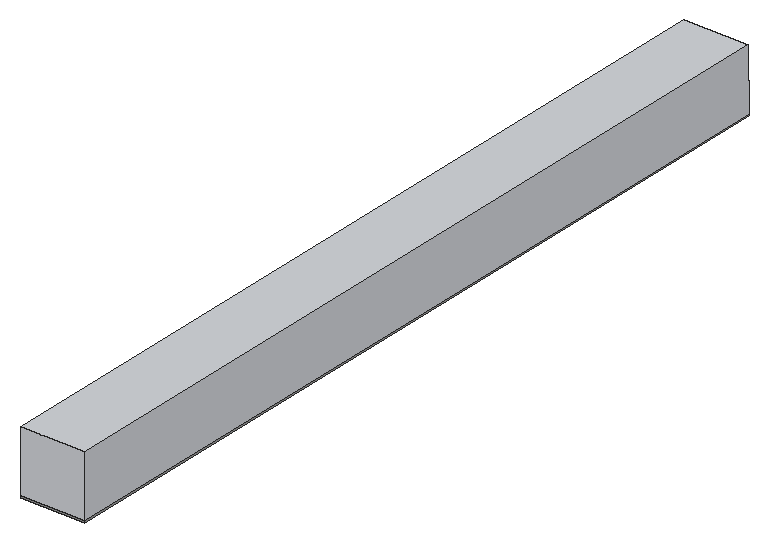
Revit family "ERK9554W_RAD765N", category 照明器具, Revit 2020
Family settings
  丸型コネクタ寸法 = 直径を使用
  パーツ タイプ = 標準
  OmniClass 番号 = 23.80.70.11.14.17
  OmniClass タイトル = Direct/Indirect
  作業面ベース = いいえ
  常に垂直 = いいえ
  ロード時にボイドで切り取り = いいえ
  光源 = いいえ
  共有 = いいえ
  部屋計算ポイント = いいえ
Parameters (values of type "ERK9554W_RAD765N")
  電源種別_記号 = "AC"
  電源種別 = ""
  防災用照明器具電源種別 = ""
  防災用照明器具種類 = ""
  運転質量 = 0.00 kg
  質量 = 0.00 kg
  負荷分類 = 8_照明
  積算_科目2 = "[1_1]照明"
  説明 = "ベースライト ウォールウォッシャー 40Wタイプ"
  誘導灯形式 = ""
  誘導灯仕様 = ""
  認定番号 = ""
  設置方法 = ""
  記号 = ""
  製造元 = "株式会社遠藤照明"
  製品質量 = 0.00 kg
  製品出荷対象 = ""
  製品リリース年月 = "2023.04"
  製品グループ = ""
  背面形式 = ""
  系統 [instance] = ""
  符号 = ""
  積算_科目 = "1 電灯設備"
  積算_拾い区分 = ""
  種別 [instance] = ""
  相 = 1
  皮相負荷 = 0 VA
  用途 = "E_一般照明"
  特殊仕様 [instance] = ""
  照明制御装置の種類 = ""
  法定耐用年数 = ""
  極数 = 1
  材質_本体 = none
  材質_反射板 = none
  材質_ルーバー = none
  材質_カバー = none
  材質 = ""
  既定の高さ = 0 mm
  形式 = "学校"
  平均演色評価数(Ra) = 82
  定格消費電力 = 41.5 W
  定格入力電流 = 0 A
  定格入力電圧 = 0 V
  定格入力容量 = 0 VA
  定格光束 = 6512 lm
  安定器_蛍光灯 = ""
  安定器_定格電圧 = 0 V
  安定器_入力電流 = 0 A
  安定器_入力電力 = 0 W
  安定器_二次電圧 = 0 V
  埋込高さ = "0"
  埋込穴寸法 = "0"
  固有エネルギー消費効率(lm/W) = 156.9
  器具サイズ = ""
  呼称 = "学校"
  周波数 = 0 Hz
  参照している仕様書等のバージョン = ""
  分類コード = "40305100000000"
  分類グループ = ""
  公共型番 = "LSS13-4-62"
  価格 = 50500
  企業コード = "6932"
  付属品 = ""
  仕様書バージョン = ""
  仕様 = ""
  ランプの種類 = "LED"
  ランプ_電流 = 0 A
  ランプ_本数 = 0
  ランプ_定格消費電力 = 0 W
  ランプ_定格消費効率(lm/W) = 0
  ランプ_大きさ = ""
  ランプ_全光束 = 0 lm
  ランプ = "LED"
  モデル = "ERK9554W_RAD765N"
  イメージ(タイプ) = <なし>
  シンボル表示 = yes
  サービススペース表示 = no
  コメント = ""
  グレア分類 = ""
  Keynote = ""
  カバー形状 = ""
  tilte [instance] = 0.00°
  diameter = 0 mm
  Width = 95 mm
  Version = ""
  Uniclass2015Version = ""
  Uniclass2015Title = ""
  Uniclass2015Code = ""
  URL = "https://www.endo-lighting.co.jp/"
  SpecificationReference = ""
  SpecificationDescription = ""
  Revision = ""
  ProductInformation = ""
  OmniClassCode = "23.80.70.11.14.17"
  LED制御装置 = ""
  IfcTypeProduct = ""
  IfcProduct = ""
  IfcExportType = ""
  IfcExportAs = "IfcLightFixtureType"
  Height = 92 mm
  Depth = 1225 mm
  Clearance Top = 0 mm
  Clearance Right = 0 mm
  Clearance Left = 0 mm
  Clearance Front = 0 mm
  Clearance Bottom = 0 mm
  Clearance Back = 0 mm
  Author = "遠藤照明"
Reference planes
  plane 1 "光源軸(正面/背面)": y = 0
  plane 2: z = 0
  plane 3 "光源軸(左/右)": x = 0
  plane 4 "光源高さ": z = -5
  plane 5: z = 0
  plane 6: x = 47.5
  plane 7: x = -47.5
  plane 8: y = 612.5
  plane 9: y = -612.5
Lines and regions (mm)
  symbolic lines, detail levels fine
    curve 1: line (-47.5, -612.5, 0) -> (47.5, -612.5, 0)
    curve 2: line (-47.5, 612.5, 0) -> (-47.5, -612.5, 0)
    curve 3: line (47.5, 612.5, 0) -> (-47.5, 612.5, 0)
    curve 4: line (47.5, -612.5, 0) -> (47.5, 612.5, 0)
Dimensions and locks
  equal spacing: plane 9, plane 1 "光源軸(正面/背面)", plane 8
  "Depth": plane 9 to plane 8
  equal spacing: plane 7, plane 3 "光源軸(左/右)", plane 6
  "Width": plane 7 to plane 6
  aligned and locked: level to plane 2
  aligned and locked: plane 9 to curve 1
  aligned and locked: curve 2 to plane 7
  aligned and locked: curve 3 to plane 8
  aligned and locked: plane 6 to curve 4
Nested families
  nested 1: "line_001_001" at (0, 0, 0) x (1, 0, 0) z (0, -1, 0), type "line_001_001"
    with width 95 mm, tilte 0.00°, height 92 mm, depth 1225 mm
  nested 2: "ies_com_90_r2" at (0, 0, -103) x (0.0003, 1, 0) z (0, 0, -1), type "ies_com_90_r2"
  nested 3: "symbol_line" at (0, 0, 0) x (0, -1, 0) z (0, 0, 1), visible <- "シンボル表示", type "1/100", detail levels coarse+medium
Connectors
  electrical at (0, 0, 0), driven by "極数", driven by "負荷分類", driven by "定格入力電圧", driven by "皮相負荷"
    settings: on nested 1, index 1, voltage 0 V, apparent load 0 VA, apparent load phase1 0 VA, apparent load phase2 0 VA, apparent load phase3 0 VA, power factor 1, load classification "8_照明", number of poles 1, system type 30, power factor state 1, is connector primary yes, connector utility no, sub classification motor no, connector description ""
Definition of nested family "line_001_001"
  Parameters (values of type "line_001_001")
    Default Elevation = 1219.2 mm
    width = 80 mm
    tilte = 30.00°
    height = 50 mm
    depth = 1200 mm
  Reference planes
    plane 1 "中心(正面/背面)": y = 0
    plane 2: z = 0
    plane 3 "中心(左/右)": x = 0
  Dimensions and locks
    "tilte": angle nested 1 to plane 3 "中心(左/右)"
    aligned and locked: level to plane 2
  Nested families
    nested 1: "line_001" at (0, 0, 0) x (0.5, 0.866, 0) z (0, 0, 1), type "line_001"
      with ｌ 60 mm, width 80 mm, height 50 mm, depth 1200 mm
  Definition of nested family "line_001"
    Parameters (values of type "line_001")
      ｌ = height + 10 mm  # 30 mm
      Default Elevation = 0 mm
      width = 50 mm
      height = 20 mm
      depth = 900 mm
    Reference planes
      plane 1 "中心(正面/背面)": y = 0
      plane 2: z = 0
      plane 3 "中心(左/右)": x = 0
      plane 4: x = -20
      plane 5: y = 25
      plane 6: y = -25
      plane 7: z = 450
      plane 8: z = -450
      plane 9: x = -30
      plane 10: y = 1
      plane 11: y = -1
      plane 12: x = -31
    Forms (mm)
      Extrusion 1, solid
        sketch origin (0, 0, 0) x (1, 0, 0) y (0, 1, 0)
          loop
            line (-20, -25) -> (0, -25) -> (0, 25) -> (-20, 25) -> (-20, -25)
        from -450 to 450
      Extrusion 2, solid
        sketch origin (-20, 25, 0) x (0, -1, 0) y (0, 0, 1)
          loop
            line (0, -450) -> (50, -450) -> (50, 450) -> (0, 450) -> (0, -450)
        from 0 to 2
      Extrusion 3, solid
        sketch origin (0, 0, 0) x (1, 0, 0) y (0, 1, 0)
          loop
            line (-31, -1) -> (-30, -1) -> (-30, 1) -> (-31, 1) -> (-31, -1)
        from -1 to 1
    Dimensions and locks
      "height": plane 4 to plane 3 "中心(左/右)"
      equal spacing: plane 6, plane 1 "中心(正面/背面)", plane 5
      "width": plane 6 to plane 5
      equal spacing: plane 7, level, plane 8
      "depth": plane 7 to plane 8
      locked: plane 12 to plane 9 at 1
      "ｌ": plane 9 to plane 3 "中心(左/右)"
      equal spacing: plane 11, plane 1 "中心(正面/背面)", plane 10
      plane 11 to plane 10 = 2 mm
      Extrusion 3 sketch curve to Extrusion 3 sketch curve = 1 mm
      aligned and locked: level to plane 2
      aligned and locked: plane 6 to Extrusion 1 sketch curve
      aligned and locked: Extrusion 1 sketch curve to plane 4
      aligned and locked: Extrusion 1 sketch curve to plane 5
      aligned and locked: plane 3 "中心(左/右)" to Extrusion 1 sketch curve
      aligned and locked: Extrusion 2 sketch curve to Extrusion 1  (x2)
      aligned and locked: plane 7 to Extrusion 1
      aligned and locked: Extrusion 2 to plane 8
      aligned and locked: Extrusion 1 to plane 8
      aligned and locked: plane 11 to Extrusion 3 sketch curve
      aligned and locked: Extrusion 3 sketch curve to plane 10
      aligned and locked: plane 9 to Extrusion 3 sketch curve
    Automatic sketch dimensions
      Extrusion 2 sketch curve to Extrusion 1 = 0 mm  (x2)
Definition of nested family "ies_com_90_r2"
  Parameters (values of type "ies_com_90_r2")
    built-in parameter 1150110 = 1 (stored number, unit not read)
    built-in parameter 1150133 = 10 (stored number, unit not read)
    Dimming Lamp Color Temperature Shift = (empty or 0)
    built-in parameter 1150104 = 13.8 (stored number, unit not read)
    built-in parameter 1150115 = 1 (stored number, unit not read)
    built-in parameter 1150137 = (empty or 0)
    built-in parameter 1150106 = 1.0982 (stored number, unit not read)
    built-in parameter 1150134 = (empty or 0)
    built-in parameter 1150109 = 1 (stored number, unit not read)
    Default Elevation = 1219.2 mm
    built-in parameter 1114218 = 1 (stored number, unit not read)
    built-in parameter 1114217 = 1 (stored number, unit not read)
    built-in parameter 1150102 = (empty or 0)
    built-in parameter 1150107 = 4100 (stored number, unit not read)
    built-in parameter 1150138 = (empty or 0)
    built-in parameter 1150132 = 2
    Lumens = 1380 lm
    built-in parameter 1150105 = 109.82 (stored number, unit not read)
    Tilt Angle = -90.00°
    built-in parameter 1150139 = (empty or 0)
    Wattage = 9.2903 W
    built-in parameter 1150112 = 1 (stored number, unit not read)
    built-in parameter 1150114 = 1 (stored number, unit not read)
    Photometric Web File = "ERK9993WA_1S_30_20_MID(FAD621L).ies"
    built-in parameter 1150113 = 1 (stored number, unit not read)
    Color Filter = 16777215
    built-in parameter 1150142 = "IESNA:LM-63-2002\r\n[TEST] ERK9993WA_FAD621L  NBB3P\r\n[MANUFAC] ENDO LIGHTING CORP.\r\n[LUMCAT] ERK9993WA_FAD621L\r\n[LAMP]??Æ±32_LED_3000K 3000K\r\n[LAMPCAT] ØÆ±32_LED_3000K 2591 lm x1 3000K\r\nTILT=NONE\r\n1 2591 1.0 19 19 1 2 0 0 0\r\n1 1 0\r\n        0        5       10       15       20       25       30       35       40       45       50       55       60       65       70       75       80       85      90\r\n        0        5       10       15       20       25       30       35       40       45       50       55       60       65       70       75       80       85      90\r\n755.6278 760.5407 773.7932 777.5606 765.605 724.5507 665.9748 597.876 521.2388 437.0572 346.6185 257.7607 181.2749 126.8262\r\n96.4402 69.6418 44.5757 20.5697 0.2934\r\n755.6278 760.5407 773.6322 777.3808 765.5104 724.759 666.4765 598.4818 522.0908 438.2026 347.9816 259.0386 182.1742 127.2238\r\n96.6295 69.7554 44.6514 20.5981 0.2934\r\n755.6278 760.3419 772.9412 776.4531 765.2926 725.4027 667.6976 600.1478 524.3721 441.2128 351.5125 262.4464 184.6827 128.3408\r\n96.9513 69.9825 44.7839 20.6549 0.284\r\n755.6278 759.9727 771.9567 774.948 764.6963 725.9801 669.1649 602.2588 527.5053 445.7281 357.1826 268.0692 188.8478 130.1393\r\n97.3678 70.2192 44.9354 20.7496 0.3029\r\n755.6278 759.5278 770.5463 773.0643 763.8065 726.9456 671.6923 605.7044 532.2478 451.9946 364.7839 275.8314 194.8966 132.9318\r\n98.0021 70.6168 45.1247 20.8632 0.3124\r\n755.6278 758.9125 768.5679 770.4138 762.1215 727.8071 674.6173 610.0304 538.2588 460.0218 374.8368 286.3103 203.1889 137.1821\r\n98.9297 71.1942 45.4465 21.0241 0.3313\r\n755.6278 758.2878 766.3718 767.3941 759.5089 728.3466 677.5423 614.5552 544.6105 468.8821 386.2623 299.0611 214.1789 143.5054\r\n100.1225 71.9136 45.7873 21.2324 0.3597\r\n755.6278 757.6441 763.5793 763.8349 755.4479 727.9301 680.0319 619.061 550.8202 477.5814 398.0476 313.1939 227.6207 152.6307\r\n101.9115 72.7182 46.1754 21.4406 0.3786\r\n755.6278 756.9246 760.6069 759.9632 750.0902 726.567 682.0482 623.7183 557.0489 486.1008 409.7098 327.9799 243.1167 164.3023\r\n106.1429 73.769 46.5919 21.6489 0.407\r\n755.6278 756.1674 757.4169 755.6751 743.7574 723.5379 683.3639 628.5176 563.8645 494.9516 421.4193 343.2013 260.449 179.1735\r\n113.1951 75.1699 47.122 21.895 0.4354\r\n755.6278 755.3533 753.9996 750.4404 737.0743 717.65 682.8906 632.2283 570.6422 503.6698 433.0436 358.2144 278.5292 196.8939\r\n124.5922 77.2146 47.974 22.179 0.4638\r\n755.6278 754.7285 750.7812 744.7986 730.7605 709.1211 679.3503 633.7334 576.265 511.6876 443.3711 371.8929 296.2212 216.6401\r\n140.3248 81.2566 49.1951 22.4913 0.4922\r\n755.6278 753.9239 747.7142 738.5321 723.5852 699.7781 671.0675 631.9159 579.7201 518.967 452.6005 383.8106 311.7361 236.1307\r\n159.6639 90.6943 51.0978 22.87 0.5112\r\n755.6278 753.2802 745.0731 732.3413 714.9332 690.6528 658.9983 623.2734 578.0257 522.6493 460.126 393.1915 324.1177 252.5638\r\n179.3249 106.105 54.0228 23.2865 0.5301\r\n755.6278 752.6933 742.9149 726.8794 706.0825 680.0508 647.5255 608.8566 567.1303 519.2036 462.7859 400.2437 333.0253 264.4153\r\n195.3131 123.9864 60.3556 23.9586 0.5396\r\n755.6278 752.2389 741.2205 723.0172 698.6232 669.5814 635.7118 597.043 552.7324 505.705 456.3679 400.8401 338.9889 272.6508\r\n205.9529 138.6872 73.3146 25.7098 0.549\r\n755.6278 751.8887 739.8952 720.1112 693.3128 660.6359 623.1598 581.8689 537.0755 489.7453 438.9788 385.8742 331.6243 273.0389\r\n210.6765 145.3323 83.6894 29.3258 0.5585\r\n755.6278 751.652 739.0527 718.2653 690.0186 655.5905 615.7384 571.3237 523.0658 472.6306 420.2266 366.6108 311.4332 254.7221\r\n197.1495 139.8326 83.3391 32.0899 0.5585\r\n755.6278 751.5101 738.6268 717.4701 688.7501 653.7068 613.2015 568.1337 519.0522 467.3675 413.4299 357.7317 300.5378 242.0281\r\n183.7834 125.3306 70.683 26.8173 0.5585\r\n"
    tilte = 0.00°
    Width = 0 mm
    Height = 0 mm
    Depth = 0 mm
  Reference planes
    plane 1 "中心(正面/背面)": y = 0
    plane 2: z = 0
    plane 3 "中心(左/右)": x = 0
  Forms (mm)
    Extrusion 1, solid
      sketch origin (0, 0, 0) x (1, 0, 0) y (0, 1, 0)
        loop
          line (-1219.2, 1219.2) -> (-1219.2, -1219.2) -> (1219.2, -1219.2) -> (1219.2, 1219.2) -> (-1219.2, 1219.2)
      from 0 to -304.8
  Dimensions and locks
    aligned and locked: plane 2 to Extrusion 1
    aligned and locked: level to Extrusion 1
Definition of nested family "symbol_line"
  Parameters (values of type "1/100")
    縮尺倍率 = if([縮尺1/50], 1.25, if([縮尺1/100], 1, if([縮尺1/200], 0.8, 0)))  # 1
    縮尺1/50 = no
    縮尺1/200 = no
    縮尺1/100 = yes
    W = 12 mm * 縮尺倍率  # 12 mm
    D = 1.5 mm * 縮尺倍率  # 1.5 mm
  Reference planes
    plane 1: y = 0
    plane 2: x = 0
  Lines and regions (mm)
    Masking region 1
      outline origin (0, 0, 0) x (1, 0, 0) y (0, 1, 0)
        loop
          line (-6, 0.75) -> (-6, -0.75) -> (6, -0.75) -> (6, 0.75) -> (-6, 0.75)
    reference lines
      curve 1: line (-304.8, 0.75, 0) -> (304.8, 0.75, 0)
      curve 2: line (304.8, -0.75, 0) -> (-304.8, -0.75, 0)
      curve 3: line (-6, -304.8, 0) -> (-6, 304.8, 0)
      curve 4: line (6, 304.8, 0) -> (6, -304.8, 0)
      curve 5: line (-6, 0.75, 0) -> (6, 0.75, 0)
      curve 6: line (-6, -0.75, 0) -> (-6, 0.75, 0)
      curve 7: line (6, 0.75, 0) -> (6, -0.75, 0)
    detail lines
      curve 8: line (-6, 0.75, 0) -> (6, 0.75, 0)
      curve 9: line (-6, -0.75, 0) -> (-6, 0.75, 0)
      curve 10: line (6, 0.75, 0) -> (6, -0.75, 0)
      curve 11: line (6, -0.75, 0) -> (-6, -0.75, 0)
  Dimensions and locks
    equal spacing: curve 2, plane 1, curve 1, locked at 0.75 each
    equal spacing: curve 3, plane 2, curve 4, locked at 6 each
    "W": curve 3 to curve 4
    "D": curve 2 to curve 1
    aligned and locked: curve 1 to curve 5
    aligned and locked: curve 3 to curve 6
    aligned and locked: curve 4 to curve 7
    aligned and locked: curve 9 to curve 6
    aligned and locked: curve 10 to curve 7
    aligned and locked: curve 1 to curve 8
    aligned and locked: curve 2 to curve 11
    aligned and locked: Masking region 1 sketch curve to curve 8
    aligned and locked: Masking region 1 sketch curve to curve 10
    aligned and locked: Masking region 1 sketch curve to curve 11
    aligned and locked: Masking region 1 sketch curve to curve 9
  Automatic sketch dimensions
    curve 1 to curve 5 = 298.8 mm
    curve 2 to curve 1 = 0 mm  (x2)
    curve 5 to curve 1 = 298.8 mm
    curve 4 to curve 7 = 304.05 mm
    curve 3 to curve 4 = 0 mm  (x2)
    curve 5 to curve 3 = 304.05 mm
